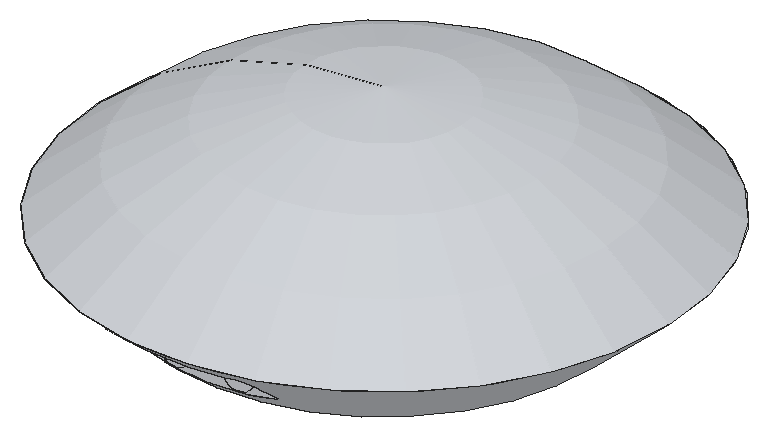
Revit family "0049007 Sylvania Lighting Fixture Start Surface IP66 1500lm 840 MW IK10 BLK", category Lighting Fixtures, host Face, Revit 2016
Family settings
  Host = Face
  Part Type = Normal
  Round Connector Dimension = Use Diameter
  OmniClass Number = 23.80.70.00
  OmniClass Title = Lighting
  Cut with Voids When Loaded = No
  Light Source = Yes
  Shared = No
  Room Calculation Point = No
Parameters (values of type "Type Name")
  power entry width = 90 mm
  power entry height = 28 mm
  power connector height = 12.5 mm
  power connector centres = 39 mm
  height = 110 mm
  connector position 2 = 40 mm
  connector length = 2 mm
  base height = 40 mm
  backplate diameter = 256 mm
  Weight = ""
  Wattage Comments = ""
  Wattage = 9.2903 W
  WarrantyStartDate [instance] = "n/a"
  WarrantyGuarantorParts = "n/a"
  WarrantyDurationUnit = "n/a"
  WarrantyDurationParts = "n/a"
  WarrantyDescription = "n/a"
  built-in parameter 1150110 = 1 (stored number, unit not read)
  Voltage = 0 V
  URL = "http://www.feilosylvania.com"
  TypeName = ""
  Type Image = <None>
  Type Comments = "n/a"
  Tube Diameter = 80 mm
  built-in parameter 1114217 = 1 (stored number, unit not read)
  Tilt Angle = 90.00°
  built-in parameter 1150109 = 1 (stored number, unit not read)
  built-in parameter 1150134 = 3
  built-in parameter 1150113 = 1 (stored number, unit not read)
  SerialNumber [instance] = "n/a"
  Photometric Web File = "0049007-300mA.ies"
  Material_3_FEILO = none
  PowerFactor = 0
  PowerConsumption = ""
  NominalLength = 0 mm
  NominalHeight = 0 mm
  NominalDepth = 0 mm
  Name = ""
  ModelReference = Name  # ""
  ModelNumber = ""
  Model = Name  # ""
  Material = ""
  ManufacturerName = "Feilo Sylvania"
  Manufacturer = "Feilo Sylvania"
  LuminousEfficacy = ""
  built-in parameter 1150105 = 109.82 (stored number, unit not read)
  Lumens = 1380 lm
  LuminaireType = ""
  built-in parameter 1150115 = 1 (stored number, unit not read)
  LightOutputRatio = ""
  built-in parameter 1150137 = (empty or 0)
  built-in parameter 1150139 = (empty or 0)
  LampsType = Lamp  # ""
  LampNominalLuminous = ""
  LampMacAdamStep = ""
  LampColourTemperature = ""
  LampColourRenderingIndex = ""
  built-in parameter 1150112 = 1 (stored number, unit not read)
  built-in parameter 1150114 = 1 (stored number, unit not read)
  Lamp = ""
  Keynote = "16500"
  InstallationDate [instance] = "n/a"
  InputVoltage = ""
  InputNominalFrequency = ""
  built-in parameter 1150132 = (empty or 0)
  built-in parameter 1150102 = (empty or 0)
  built-in parameter 1150107 = 3200 (stored number, unit not read)
  built-in parameter 1150138 = (empty or 0)
  IngressProtection = ""
  ImpactProtectionIndex = ""
  built-in parameter 1150106 = 1.0982 (stored number, unit not read)
  IfcExportType = "IfcLightFixtureType"
  IfcExportAs = "IfcLightFixtureType"
  Height = 250 mm
  ExpectedLife = 50000
  Emit from Circle Diameter = 609.6 mm
  Emit Shape Visible in Rendering = no
  ElectricShockClassification = ""
  built-in parameter 1150104 = 13.8 (stored number, unit not read)
  DurationUnit = "hours"
  DocumentationLiterature = ""
  DimmingControlOptions = ""
  Material_2_FEILO = none
  Dimming Lamp Color Temperature Shift = <None>
  Diameter = 350 mm
  Description = ""
  Default Elevation = 1219.2 mm
  CreatedOn = ""
  CreatedBy = ""
  Cost = 0
  Color Filter = 16777215
  built-in parameter 1114216 [instance] = (empty or 0)
  ClassificationValue = "EF_70_80"
  ClassificationName = "Uniclass2015"
  Material_1_FEILO = none
  BarCode [instance] = "n/a"
  built-in parameter 1114218 = 1 (stored number, unit not read)
  built-in parameter 1150133 = 10 (stored number, unit not read)
  AssetType = ""
  AssetIdentifier [instance] = "n/a"
  Assembly Code = "D5020200"
  Apparent Load = 0 VA
  Material_4_FEILO = none
Reference planes
  plane 1 "Center (Front/Back)": y = 0
  plane 2: z = 0
  plane 3 "Center (Left/Right)": x = 0
  plane 4: z = 0
  plane 5: y = 128
  plane 6: y = -128
  plane 7: y = 175
  plane 8: y = -175
  plane 9: z = 40
  plane 10: z = 110
  plane 11: x = -45.686
  plane 12: x = 44.314
  plane 13: z = 5
  plane 14: z = 33
  plane 15: y = -135
  plane 16: x = 19.5
  plane 17: x = -19.5
  plane 18: z = 20.5
  plane 19: y = -137
  plane 20: y = 135
Forms (mm)
  Blend 1, solid, detail levels medium+fine
    base sketch origin (4.2, 0, 0) x (1, 0, 0) y (0, 1, 0)
      loop
        circle (-4.2, 0) r 128
    top sketch origin (4.2, 0, 0) x (1, 0, 0) y (0, 1, 0)
      loop
        circle (-4.2, 0) r 175
    from 0 to 40
  Revolve 2, solid, detail levels medium+fine
    sketch origin (0, 0, 0) x (1, 0, 0) y (0, 0, 1)
      loop
        arc (175, 40) -> (94.148, 91.621) -> (0, 110) r 257.018
        line (0, 110) -> (0, 40) -> (175, 40)
      axis (0, 110) -> (0, 40)
    angle from -180 to 179.914
  Extrusion 3, void
    sketch origin (0, 0, 0) x (1, 0, 0) y (0, 0, 1)
      loop
        line (-45.686, 25.025) -> (-45.686, 5) -> (44.314, 5) -> (44.314, 25.025)
        arc (44.314, 25.025) -> (42.644, 30.018) -> (38.304, 33) r 8.297
        line (38.304, 33) -> (-39.676, 33)
        arc (-39.676, 33) -> (-44.015, 30.018) -> (-45.686, 25.025) r 8.297
    from 135 to 166.869
  Extrusion 4, solid, detail levels fine
    sketch origin (1524, -324.9, 1219.2) x (1, 0, 0) y (0, 0, 1)
      loop
        circle (-1504.5, -1198.7) r 11
      loop
        circle (-1543.5, -1198.7) r 11
    from -189.9 to -187.9
  Extrusion 5, void
    sketch origin (-0.686, -5.131, 0) x (-1, 0, 0) y (0, 0, 1)
      loop
        line (-45.686, 25.025) -> (-45.686, 5) -> (44.314, 5) -> (44.314, 25.025)
        arc (44.314, 25.025) -> (42.644, 30.018) -> (38.304, 33) r 8.297
        line (38.304, 33) -> (-39.676, 33)
        arc (-39.676, 33) -> (-44.015, 30.018) -> (-45.686, 25.025) r 8.297
    from 140.131 to 175.131
  Extrusion 6, solid
    sketch origin (1524, -52.9, 1219.2) x (1, 0, 0) y (0, 0, 1)
      loop
        circle (-1504.5, -1198.7) r 11
      loop
        circle (-1543.5, -1198.7) r 11
    from -189.9 to -187.9
  Extrusion 7, solid, detail levels coarse
    sketch origin (0, 1219.2, 38) x (1, 0, 0) y (0, 1, 0)
      loop
        line (175.117, -1396.13) -> (175.117, -1044.2) -> (-175, -1044.2) -> (-175, -1396.13) -> (175.117, -1396.13)
    from -38 to 72
Cuts and joins
  Extrusion 3, Extrusion 5 cuts Blend 1
  Extrusion 5 cuts Extrusion 4
Dimensions and locks
  "backplate diameter": plane 5 to plane 6
  equal spacing: plane 5, plane 1 "Center (Front/Back)", plane 6
  "Diameter": plane 7 to plane 8
  equal spacing: plane 7, plane 1 "Center (Front/Back)", plane 8
  "base height": plane 9 to level
  "height": plane 10 to host face
  "power entry width": plane 12 to plane 11
  plane 12 to imposter light to plane 11 = 44.201 mm, 45.799 mm
  "power entry height": plane 14 to plane 13
  "power connector centres": plane 17 to plane 16
  equal spacing: plane 17, plane 3 "Center (Left/Right)", plane 16
  "power connector height": plane 18 to plane 14
  "connector length": plane 15 to plane 19
  "connector position 2": plane 7 to plane 20
  aligned and locked: plane 2 to host face
  aligned and locked: level to host face
  aligned and locked: plane 10 to Extrusion 7
Automatic sketch dimensions
  host sketch curve to host sketch curve = 2438.4 mm  (x2)
  plane 1 "Center (Front/Back)" to Blend 1 sketch curve = 0 mm  (x2)
  Blend 1 sketch curve to plane 3 "Center (Left/Right)" = 0 mm  (x2)
  Revolve 2 sketch curve to plane 3 "Center (Left/Right)" = 0 mm  (x2)
  Revolve 2 sketch curve to plane 9 = 0 mm
  Revolve 2 sketch curve to plane 10 = 0 mm
  Revolve 2 sketch curve to plane 3 "Center (Left/Right)" = 1.306 mm
  plane 3 "Center (Left/Right)" to Revolve 2 sketch curve = 175 mm
  Revolve 2 sketch curve to level = 47.821 mm
  Revolve 2 sketch curve to Revolve 2 sketch curve = 80 mm
  Extrusion 3 sketch curve to plane 11 = 0 mm
  Extrusion 3 sketch curve to plane 14 = 0 mm
  Extrusion 3 sketch curve to plane 12 = 0 mm
  Extrusion 3 sketch curve to plane 13 = 0 mm
  plane 11 to Extrusion 3 sketch curve = 6.01 mm
  plane 18 to Extrusion 3 sketch curve = 4.525 mm  (x2)
  Extrusion 3 sketch curve to Extrusion 3 sketch curve = 8.297 mm
  plane 17 to Extrusion 4 sketch curve = 0 mm
  plane 16 to Extrusion 4 sketch curve = 0 mm
  Extrusion 4 sketch curve to plane 18 = 0 mm  (x2)
  Extrusion 5 sketch curve to plane 13 = 0 mm
  Extrusion 5 sketch curve to plane 14 = 0 mm
  plane 12 to Extrusion 5 sketch curve = 0.686 mm
  Extrusion 5 sketch curve to plane 12 = 5.324 mm
  plane 18 to Extrusion 5 sketch curve = 4.525 mm
  plane 11 to Extrusion 5 sketch curve = 8.982 mm
  plane 11 to Extrusion 5 sketch curve = 6.696 mm
  plane 11 to Extrusion 5 sketch curve = 0.686 mm
  plane 17 to Extrusion 6 sketch curve = 0 mm
  plane 16 to Extrusion 6 sketch curve = 0 mm
  Extrusion 6 sketch curve to plane 18 = 0 mm  (x2)
  Extrusion 7 sketch curve to plane 8 = 1.93 mm
  Extrusion 7 sketch curve to plane 11 = 129.314 mm
  plane 12 to Extrusion 7 sketch curve = 130.802 mm
  plane 5 to Extrusion 7 sketch curve = 47 mm
  radius of Blend 1 sketch curve = 128 mm
  radius of Blend 1 sketch curve = 175 mm
  radius of Extrusion 4 sketch curve = 11 mm  (x2)
  radius of Extrusion 6 sketch curve = 11 mm  (x2)
Connectors
  electrical at (19.5, 137, 20.5)
    settings: on Extrusion 6, index 1, voltage 0 V, apparent load 0 VA, apparent load phase1 0 VA, apparent load phase2 0 VA, apparent load phase3 0 VA, power factor 1, load classification "Other", number of poles 1, system type 31, power factor state 1, is connector primary yes, connector utility no, sub classification motor no, connector description ""
